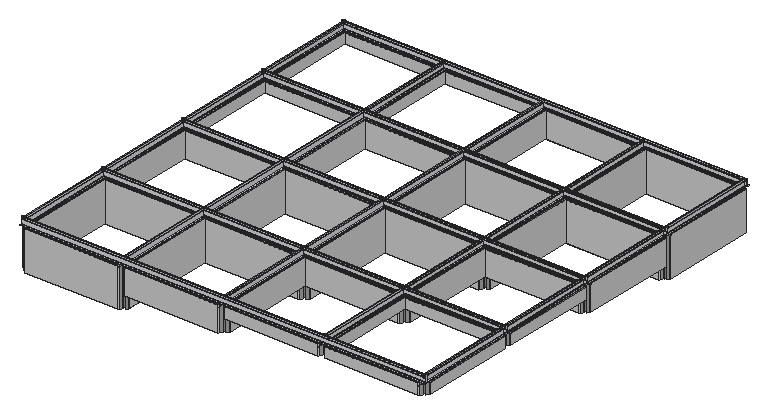
Revit family "GRD-SEC-001_SECTION GRID 001_RFA", category Modelos genéricos, Revit 2022 (continued)
Forms (in)
  Extrusion 25, solid
    sketch origin (0.02767, 83.15856, 0) x (1, 0, 0) y (0, 0, 1)
      loop
        arc (0.31489, 1.72991) -> (0.32752, 1.69941) -> (0.35803, 1.68677) r 0.04314
        line (0.35803, 1.68677) -> (0.39803, 1.68677)
        arc (0.39803, 1.68677) -> (0.41512, 1.67969) -> (0.42221, 1.66259) r 0.02418
      loop
        arc (0.33294, 1.7291) -> (0.34005, 1.71194) -> (0.35722, 1.70483) r 0.02428
        line (0.35722, 1.70483) -> (0.39815, 1.70483)
        arc (0.39815, 1.70483) -> (0.42797, 1.69248) -> (0.44023, 1.66266) r 0.04217
        arc (0.44023, 1.66266) -> (0.45258, 1.69248) -> (0.4824, 1.70483) r 0.04217
        line (0.4824, 1.70483) -> (0.52333, 1.70483)
        arc (0.52333, 1.70483) -> (0.54049, 1.71194) -> (0.54761, 1.7291) r 0.02428
        line (0.54761, 1.7291) -> (0.54761, 2.15016) -> (0.45704, 2.24072)
        arc (0.45704, 2.24072) -> (0.44027, 2.24767) -> (0.42351, 2.24072) r 0.02371
        line (0.42351, 2.24072) -> (0.33294, 2.15016) -> (0.33294, 1.7291)
    from 58.93614 to 81.99864
  Extrusion 26, solid, not visible
    sketch origin (0, 0, 0) x (0, 1, 0) y (0, 0, 1)
      loop
        line (0.42221, 1.66259) -> (0.42231, 0.67354)
        arc (0.42231, 0.67354) -> (0.41009, 0.64403) -> (0.38057, 0.6318) r 0.04174
        line (0.38057, 0.6318) -> (-0.00639, 0.6318) -> (-0.00639, 0.59057) -> (0.8874, 0.59057) -> (0.8874, 0.6318) -> (0.49998, 0.6318)
        arc (0.49998, 0.6318) -> (0.47046, 0.64403) -> (0.45824, 0.67354) r 0.04174
        line (0.45824, 0.67354) -> (0.45834, 1.66259)
        arc (0.45834, 1.66259) -> (0.46543, 1.67969) -> (0.48252, 1.68677) r 0.02418
        line (0.48252, 1.68677) -> (0.52252, 1.68677)
        arc (0.52252, 1.68677) -> (0.55303, 1.69941) -> (0.56566, 1.72991) r 0.04314
        line (0.56566, 1.72991) -> (0.56566, 2.14095)
        arc (0.56566, 2.14095) -> (0.5626, 2.15637) -> (0.55386, 2.16944) r 0.04029
        line (0.55386, 2.16944) -> (0.47053, 2.25277)
        arc (0.47053, 2.25277) -> (0.44027, 2.2653) -> (0.41002, 2.25277) r 0.04279
        line (0.41002, 2.25277) -> (0.32669, 2.16944)
        arc (0.32669, 2.16944) -> (0.31795, 2.15637) -> (0.31489, 2.14095) r 0.04029
        line (0.31489, 2.14095) -> (0.31489, 1.72991)
        arc (0.31489, 1.72991) -> (0.32752, 1.69941) -> (0.35803, 1.68677) r 0.04314
        line (0.35803, 1.68677) -> (0.39803, 1.68677)
        arc (0.39803, 1.68677) -> (0.41512, 1.67969) -> (0.42221, 1.66259) r 0.02418
      loop
        arc (0.33294, 1.7291) -> (0.34005, 1.71194) -> (0.35722, 1.70483) r 0.02428
        line (0.35722, 1.70483) -> (0.39815, 1.70483)
        arc (0.39815, 1.70483) -> (0.42797, 1.69248) -> (0.44023, 1.66266) r 0.04217
        arc (0.44023, 1.66266) -> (0.45258, 1.69248) -> (0.4824, 1.70483) r 0.04217
        line (0.4824, 1.70483) -> (0.52333, 1.70483)
        arc (0.52333, 1.70483) -> (0.54049, 1.71194) -> (0.54761, 1.7291) r 0.02428
        line (0.54761, 1.7291) -> (0.54761, 2.15016) -> (0.45704, 2.24072)
        arc (0.45704, 2.24072) -> (0.44027, 2.24767) -> (0.42351, 2.24072) r 0.02371
        line (0.42351, 2.24072) -> (0.33294, 2.15016) -> (0.33294, 1.7291)
    from 0 to 96.9361
  Extrusion 27, solid, not visible
    sketch origin (0, 24, 0) x (0, 1, 0) y (0, 0, 1)
      loop
        line (0.42221, 1.66259) -> (0.42231, 0.67354)
        arc (0.42231, 0.67354) -> (0.41009, 0.64403) -> (0.38057, 0.6318) r 0.04174
        line (0.38057, 0.6318) -> (-0.00639, 0.6318) -> (-0.00639, 0.59057) -> (0.8874, 0.59057) -> (0.8874, 0.6318) -> (0.49998, 0.6318)
        arc (0.49998, 0.6318) -> (0.47046, 0.64403) -> (0.45824, 0.67354) r 0.04174
        line (0.45824, 0.67354) -> (0.45834, 1.66259)
        arc (0.45834, 1.66259) -> (0.46543, 1.67969) -> (0.48252, 1.68677) r 0.02418
        line (0.48252, 1.68677) -> (0.52252, 1.68677)
        arc (0.52252, 1.68677) -> (0.55303, 1.69941) -> (0.56566, 1.72991) r 0.04314
        line (0.56566, 1.72991) -> (0.56566, 2.14095)
        arc (0.56566, 2.14095) -> (0.5626, 2.15637) -> (0.55386, 2.16944) r 0.04029
        line (0.55386, 2.16944) -> (0.47053, 2.25277)
        arc (0.47053, 2.25277) -> (0.44027, 2.2653) -> (0.41002, 2.25277) r 0.04279
        line (0.41002, 2.25277) -> (0.32669, 2.16944)
        arc (0.32669, 2.16944) -> (0.31795, 2.15637) -> (0.31489, 2.14095) r 0.04029
        line (0.31489, 2.14095) -> (0.31489, 1.72991)
        arc (0.31489, 1.72991) -> (0.32752, 1.69941) -> (0.35803, 1.68677) r 0.04314
        line (0.35803, 1.68677) -> (0.39803, 1.68677)
        arc (0.39803, 1.68677) -> (0.41512, 1.67969) -> (0.42221, 1.66259) r 0.02418
      loop
        arc (0.33294, 1.7291) -> (0.34005, 1.71194) -> (0.35722, 1.70483) r 0.02428
        line (0.35722, 1.70483) -> (0.39815, 1.70483)
        arc (0.39815, 1.70483) -> (0.42797, 1.69248) -> (0.44023, 1.66266) r 0.04217
        arc (0.44023, 1.66266) -> (0.45258, 1.69248) -> (0.4824, 1.70483) r 0.04217
        line (0.4824, 1.70483) -> (0.52333, 1.70483)
        arc (0.52333, 1.70483) -> (0.54049, 1.71194) -> (0.54761, 1.7291) r 0.02428
        line (0.54761, 1.7291) -> (0.54761, 2.15016) -> (0.45704, 2.24072)
        arc (0.45704, 2.24072) -> (0.44027, 2.24767) -> (0.42351, 2.24072) r 0.02371
        line (0.42351, 2.24072) -> (0.33294, 2.15016) -> (0.33294, 1.7291)
    from 0 to 96.9361
  Extrusion 28, solid, not visible
    sketch origin (0, 48, 0) x (0, 1, 0) y (0, 0, 1)
      loop
        line (0.42221, 1.66259) -> (0.42231, 0.67354)
        arc (0.42231, 0.67354) -> (0.41009, 0.64403) -> (0.38057, 0.6318) r 0.04174
        line (0.38057, 0.6318) -> (-0.00639, 0.6318) -> (-0.00639, 0.59057) -> (0.8874, 0.59057) -> (0.8874, 0.6318) -> (0.49998, 0.6318)
        arc (0.49998, 0.6318) -> (0.47046, 0.64403) -> (0.45824, 0.67354) r 0.04174
        line (0.45824, 0.67354) -> (0.45834, 1.66259)
        arc (0.45834, 1.66259) -> (0.46543, 1.67969) -> (0.48252, 1.68677) r 0.02418
        line (0.48252, 1.68677) -> (0.52252, 1.68677)
        arc (0.52252, 1.68677) -> (0.55303, 1.69941) -> (0.56566, 1.72991) r 0.04314
        line (0.56566, 1.72991) -> (0.56566, 2.14095)
        arc (0.56566, 2.14095) -> (0.5626, 2.15637) -> (0.55386, 2.16944) r 0.04029
        line (0.55386, 2.16944) -> (0.47053, 2.25277)
        arc (0.47053, 2.25277) -> (0.44027, 2.2653) -> (0.41002, 2.25277) r 0.04279
        line (0.41002, 2.25277) -> (0.32669, 2.16944)
        arc (0.32669, 2.16944) -> (0.31795, 2.15637) -> (0.31489, 2.14095) r 0.04029
        line (0.31489, 2.14095) -> (0.31489, 1.72991)
        arc (0.31489, 1.72991) -> (0.32752, 1.69941) -> (0.35803, 1.68677) r 0.04314
        line (0.35803, 1.68677) -> (0.39803, 1.68677)
        arc (0.39803, 1.68677) -> (0.41512, 1.67969) -> (0.42221, 1.66259) r 0.02418
      loop
        arc (0.33294, 1.7291) -> (0.34005, 1.71194) -> (0.35722, 1.70483) r 0.02428
        line (0.35722, 1.70483) -> (0.39815, 1.70483)
        arc (0.39815, 1.70483) -> (0.42797, 1.69248) -> (0.44023, 1.66266) r 0.04217
        arc (0.44023, 1.66266) -> (0.45258, 1.69248) -> (0.4824, 1.70483) r 0.04217
        line (0.4824, 1.70483) -> (0.52333, 1.70483)
        arc (0.52333, 1.70483) -> (0.54049, 1.71194) -> (0.54761, 1.7291) r 0.02428
        line (0.54761, 1.7291) -> (0.54761, 2.15016) -> (0.45704, 2.24072)
        arc (0.45704, 2.24072) -> (0.44027, 2.24767) -> (0.42351, 2.24072) r 0.02371
        line (0.42351, 2.24072) -> (0.33294, 2.15016) -> (0.33294, 1.7291)
    from 0 to 96.9361
  Extrusion 29, solid, not visible
    sketch origin (0, 72, 0) x (0, 1, 0) y (0, 0, 1)
      loop
        line (0.42221, 1.66259) -> (0.42231, 0.67354)
        arc (0.42231, 0.67354) -> (0.41009, 0.64403) -> (0.38057, 0.6318) r 0.04174
        line (0.38057, 0.6318) -> (-0.00639, 0.6318) -> (-0.00639, 0.59057) -> (0.8874, 0.59057) -> (0.8874, 0.6318) -> (0.49998, 0.6318)
        arc (0.49998, 0.6318) -> (0.47046, 0.64403) -> (0.45824, 0.67354) r 0.04174
        line (0.45824, 0.67354) -> (0.45834, 1.66259)
        arc (0.45834, 1.66259) -> (0.46543, 1.67969) -> (0.48252, 1.68677) r 0.02418
        line (0.48252, 1.68677) -> (0.52252, 1.68677)
        arc (0.52252, 1.68677) -> (0.55303, 1.69941) -> (0.56566, 1.72991) r 0.04314
        line (0.56566, 1.72991) -> (0.56566, 2.14095)
        arc (0.56566, 2.14095) -> (0.5626, 2.15637) -> (0.55386, 2.16944) r 0.04029
        line (0.55386, 2.16944) -> (0.47053, 2.25277)
        arc (0.47053, 2.25277) -> (0.44027, 2.2653) -> (0.41002, 2.25277) r 0.04279
        line (0.41002, 2.25277) -> (0.32669, 2.16944)
        arc (0.32669, 2.16944) -> (0.31795, 2.15637) -> (0.31489, 2.14095) r 0.04029
        line (0.31489, 2.14095) -> (0.31489, 1.72991)
        arc (0.31489, 1.72991) -> (0.32752, 1.69941) -> (0.35803, 1.68677) r 0.04314
        line (0.35803, 1.68677) -> (0.39803, 1.68677)
        arc (0.39803, 1.68677) -> (0.41512, 1.67969) -> (0.42221, 1.66259) r 0.02418
      loop
        arc (0.33294, 1.7291) -> (0.34005, 1.71194) -> (0.35722, 1.70483) r 0.02428
        line (0.35722, 1.70483) -> (0.39815, 1.70483)
        arc (0.39815, 1.70483) -> (0.42797, 1.69248) -> (0.44023, 1.66266) r 0.04217
        arc (0.44023, 1.66266) -> (0.45258, 1.69248) -> (0.4824, 1.70483) r 0.04217
        line (0.4824, 1.70483) -> (0.52333, 1.70483)
        arc (0.52333, 1.70483) -> (0.54049, 1.71194) -> (0.54761, 1.7291) r 0.02428
        line (0.54761, 1.7291) -> (0.54761, 2.15016) -> (0.45704, 2.24072)
        arc (0.45704, 2.24072) -> (0.44027, 2.24767) -> (0.42351, 2.24072) r 0.02371
        line (0.42351, 2.24072) -> (0.33294, 2.15016) -> (0.33294, 1.7291)
    from 0 to 96.9361
  Extrusion 30, solid, not visible
    sketch origin (0, 96, 0) x (0, 1, 0) y (0, 0, 1)
      loop
        line (0.42221, 1.66259) -> (0.42231, 0.67354)
        arc (0.42231, 0.67354) -> (0.41009, 0.64403) -> (0.38057, 0.6318) r 0.04174
        line (0.38057, 0.6318) -> (-0.00639, 0.6318) -> (-0.00639, 0.59057) -> (0.8874, 0.59057) -> (0.8874, 0.6318) -> (0.49998, 0.6318)
        arc (0.49998, 0.6318) -> (0.47046, 0.64403) -> (0.45824, 0.67354) r 0.04174
        line (0.45824, 0.67354) -> (0.45834, 1.66259)
        arc (0.45834, 1.66259) -> (0.46543, 1.67969) -> (0.48252, 1.68677) r 0.02418
        line (0.48252, 1.68677) -> (0.52252, 1.68677)
        arc (0.52252, 1.68677) -> (0.55303, 1.69941) -> (0.56566, 1.72991) r 0.04314
        line (0.56566, 1.72991) -> (0.56566, 2.14095)
        arc (0.56566, 2.14095) -> (0.5626, 2.15637) -> (0.55386, 2.16944) r 0.04029
        line (0.55386, 2.16944) -> (0.47053, 2.25277)
        arc (0.47053, 2.25277) -> (0.44027, 2.2653) -> (0.41002, 2.25277) r 0.04279
        line (0.41002, 2.25277) -> (0.32669, 2.16944)
        arc (0.32669, 2.16944) -> (0.31795, 2.15637) -> (0.31489, 2.14095) r 0.04029
        line (0.31489, 2.14095) -> (0.31489, 1.72991)
        arc (0.31489, 1.72991) -> (0.32752, 1.69941) -> (0.35803, 1.68677) r 0.04314
        line (0.35803, 1.68677) -> (0.39803, 1.68677)
        arc (0.39803, 1.68677) -> (0.41512, 1.67969) -> (0.42221, 1.66259) r 0.02418
      loop
        arc (0.33294, 1.7291) -> (0.34005, 1.71194) -> (0.35722, 1.70483) r 0.02428
        line (0.35722, 1.70483) -> (0.39815, 1.70483)
        arc (0.39815, 1.70483) -> (0.42797, 1.69248) -> (0.44023, 1.66266) r 0.04217
        arc (0.44023, 1.66266) -> (0.45258, 1.69248) -> (0.4824, 1.70483) r 0.04217
        line (0.4824, 1.70483) -> (0.52333, 1.70483)
        arc (0.52333, 1.70483) -> (0.54049, 1.71194) -> (0.54761, 1.7291) r 0.02428
        line (0.54761, 1.7291) -> (0.54761, 2.15016) -> (0.45704, 2.24072)
        arc (0.45704, 2.24072) -> (0.44027, 2.24767) -> (0.42351, 2.24072) r 0.02371
        line (0.42351, 2.24072) -> (0.33294, 2.15016) -> (0.33294, 1.7291)
    from 0 to 96.9361
  Extrusion 31, solid, not visible
    sketch origin (48.02754, 154.90856, 0) x (1, 0, 0) y (0, 0, 1)
      loop
        line (0.42221, 1.66259) -> (0.42231, 0.67354)
        arc (0.42231, 0.67354) -> (0.41009, 0.64403) -> (0.38057, 0.6318) r 0.04174
        line (0.38057, 0.6318) -> (-0.00639, 0.6318) -> (-0.00639, 0.59057) -> (0.8874, 0.59057) -> (0.8874, 0.6318) -> (0.49998, 0.6318)
        arc (0.49998, 0.6318) -> (0.47046, 0.64403) -> (0.45824, 0.67354) r 0.04174
        line (0.45824, 0.67354) -> (0.45834, 1.66259)
        arc (0.45834, 1.66259) -> (0.46543, 1.67969) -> (0.48252, 1.68677) r 0.02418
        line (0.48252, 1.68677) -> (0.52252, 1.68677)
        arc (0.52252, 1.68677) -> (0.55303, 1.69941) -> (0.56566, 1.72991) r 0.04314
        line (0.56566, 1.72991) -> (0.56566, 2.14095)
        arc (0.56566, 2.14095) -> (0.5626, 2.15637) -> (0.55386, 2.16944) r 0.04029
        line (0.55386, 2.16944) -> (0.47053, 2.25277)
        arc (0.47053, 2.25277) -> (0.44027, 2.2653) -> (0.41002, 2.25277) r 0.04279
        line (0.41002, 2.25277) -> (0.32669, 2.16944)
        arc (0.32669, 2.16944) -> (0.31795, 2.15637) -> (0.31489, 2.14095) r 0.04029
        line (0.31489, 2.14095) -> (0.31489, 1.72991)
        arc (0.31489, 1.72991) -> (0.32752, 1.69941) -> (0.35803, 1.68677) r 0.04314
        line (0.35803, 1.68677) -> (0.39803, 1.68677)
        arc (0.39803, 1.68677) -> (0.41512, 1.67969) -> (0.42221, 1.66259) r 0.02418
      loop
        arc (0.33294, 1.7291) -> (0.34005, 1.71194) -> (0.35722, 1.70483) r 0.02428
        line (0.35722, 1.70483) -> (0.39815, 1.70483)
        arc (0.39815, 1.70483) -> (0.42797, 1.69248) -> (0.44023, 1.66266) r 0.04217
        arc (0.44023, 1.66266) -> (0.45258, 1.69248) -> (0.4824, 1.70483) r 0.04217
        line (0.4824, 1.70483) -> (0.52333, 1.70483)
        arc (0.52333, 1.70483) -> (0.54049, 1.71194) -> (0.54761, 1.7291) r 0.02428
        line (0.54761, 1.7291) -> (0.54761, 2.15016) -> (0.45704, 2.24072)
        arc (0.45704, 2.24072) -> (0.44027, 2.24767) -> (0.42351, 2.24072) r 0.02371
        line (0.42351, 2.24072) -> (0.33294, 2.15016) -> (0.33294, 1.7291)
    from 58.93614 to 81.99864
  Extrusion 32, solid, not visible
    sketch origin (72.02767, 154.90856, 0) x (1, 0, 0) y (0, 0, 1)
      loop
        line (0.42221, 1.66259) -> (0.42231, 0.67354)
        arc (0.42231, 0.67354) -> (0.41009, 0.64403) -> (0.38057, 0.6318) r 0.04174
        line (0.38057, 0.6318) -> (-0.00639, 0.6318) -> (-0.00639, 0.59057) -> (0.8874, 0.59057) -> (0.8874, 0.6318) -> (0.49998, 0.6318)
        arc (0.49998, 0.6318) -> (0.47046, 0.64403) -> (0.45824, 0.67354) r 0.04174
        line (0.45824, 0.67354) -> (0.45834, 1.66259)
        arc (0.45834, 1.66259) -> (0.46543, 1.67969) -> (0.48252, 1.68677) r 0.02418
        line (0.48252, 1.68677) -> (0.52252, 1.68677)
        arc (0.52252, 1.68677) -> (0.55303, 1.69941) -> (0.56566, 1.72991) r 0.04314
        line (0.56566, 1.72991) -> (0.56566, 2.14095)
        arc (0.56566, 2.14095) -> (0.5626, 2.15637) -> (0.55386, 2.16944) r 0.04029
        line (0.55386, 2.16944) -> (0.47053, 2.25277)
        arc (0.47053, 2.25277) -> (0.44027, 2.2653) -> (0.41002, 2.25277) r 0.04279
        line (0.41002, 2.25277) -> (0.32669, 2.16944)
        arc (0.32669, 2.16944) -> (0.31795, 2.15637) -> (0.31489, 2.14095) r 0.04029
        line (0.31489, 2.14095) -> (0.31489, 1.72991)
        arc (0.31489, 1.72991) -> (0.32752, 1.69941) -> (0.35803, 1.68677) r 0.04314
        line (0.35803, 1.68677) -> (0.39803, 1.68677)
        arc (0.39803, 1.68677) -> (0.41512, 1.67969) -> (0.42221, 1.66259) r 0.02418
      loop
        arc (0.33294, 1.7291) -> (0.34005, 1.71194) -> (0.35722, 1.70483) r 0.02428
        line (0.35722, 1.70483) -> (0.39815, 1.70483)
        arc (0.39815, 1.70483) -> (0.42797, 1.69248) -> (0.44023, 1.66266) r 0.04217
        arc (0.44023, 1.66266) -> (0.45258, 1.69248) -> (0.4824, 1.70483) r 0.04217
        line (0.4824, 1.70483) -> (0.52333, 1.70483)
        arc (0.52333, 1.70483) -> (0.54049, 1.71194) -> (0.54761, 1.7291) r 0.02428
        line (0.54761, 1.7291) -> (0.54761, 2.15016) -> (0.45704, 2.24072)
        arc (0.45704, 2.24072) -> (0.44027, 2.24767) -> (0.42351, 2.24072) r 0.02371
        line (0.42351, 2.24072) -> (0.33294, 2.15016) -> (0.33294, 1.7291)
    from 58.93614 to 81.99864
  Extrusion 33, solid, not visible
    sketch origin (96.02767, 154.90856, 0) x (1, 0, 0) y (0, 0, 1)
      loop
        line (0.42221, 1.66259) -> (0.42231, 0.67354)
        arc (0.42231, 0.67354) -> (0.41009, 0.64403) -> (0.38057, 0.6318) r 0.04174
        line (0.38057, 0.6318) -> (-0.00639, 0.6318) -> (-0.00639, 0.59057) -> (0.8874, 0.59057) -> (0.8874, 0.6318) -> (0.49998, 0.6318)
        arc (0.49998, 0.6318) -> (0.47046, 0.64403) -> (0.45824, 0.67354) r 0.04174
        line (0.45824, 0.67354) -> (0.45834, 1.66259)
        arc (0.45834, 1.66259) -> (0.46543, 1.67969) -> (0.48252, 1.68677) r 0.02418
        line (0.48252, 1.68677) -> (0.52252, 1.68677)
        arc (0.52252, 1.68677) -> (0.55303, 1.69941) -> (0.56566, 1.72991) r 0.04314
        line (0.56566, 1.72991) -> (0.56566, 2.14095)
        arc (0.56566, 2.14095) -> (0.5626, 2.15637) -> (0.55386, 2.16944) r 0.04029
        line (0.55386, 2.16944) -> (0.47053, 2.25277)
        arc (0.47053, 2.25277) -> (0.44027, 2.2653) -> (0.41002, 2.25277) r 0.04279
        line (0.41002, 2.25277) -> (0.32669, 2.16944)
        arc (0.32669, 2.16944) -> (0.31795, 2.15637) -> (0.31489, 2.14095) r 0.04029
        line (0.31489, 2.14095) -> (0.31489, 1.72991)
        arc (0.31489, 1.72991) -> (0.32752, 1.69941) -> (0.35803, 1.68677) r 0.04314
        line (0.35803, 1.68677) -> (0.39803, 1.68677)
        arc (0.39803, 1.68677) -> (0.41512, 1.67969) -> (0.42221, 1.66259) r 0.02418
      loop
        arc (0.33294, 1.7291) -> (0.34005, 1.71194) -> (0.35722, 1.70483) r 0.02428
        line (0.35722, 1.70483) -> (0.39815, 1.70483)
        arc (0.39815, 1.70483) -> (0.42797, 1.69248) -> (0.44023, 1.66266) r 0.04217
        arc (0.44023, 1.66266) -> (0.45258, 1.69248) -> (0.4824, 1.70483) r 0.04217
        line (0.4824, 1.70483) -> (0.52333, 1.70483)
        arc (0.52333, 1.70483) -> (0.54049, 1.71194) -> (0.54761, 1.7291) r 0.02428
        line (0.54761, 1.7291) -> (0.54761, 2.15016) -> (0.45704, 2.24072)
        arc (0.45704, 2.24072) -> (0.44027, 2.24767) -> (0.42351, 2.24072) r 0.02371
        line (0.42351, 2.24072) -> (0.33294, 2.15016) -> (0.33294, 1.7291)
    from 58.93614 to 81.99864
  Extrusion 34, solid, not visible
    sketch origin (24.02767, 154.90856, 0) x (1, 0, 0) y (0, 0, 1)
      loop
        line (0.42221, 1.66259) -> (0.42231, 0.67354)
        arc (0.42231, 0.67354) -> (0.41009, 0.64403) -> (0.38057, 0.6318) r 0.04174
        line (0.38057, 0.6318) -> (-0.00639, 0.6318) -> (-0.00639, 0.59057) -> (0.8874, 0.59057) -> (0.8874, 0.6318) -> (0.49998, 0.6318)
        arc (0.49998, 0.6318) -> (0.47046, 0.64403) -> (0.45824, 0.67354) r 0.04174
        line (0.45824, 0.67354) -> (0.45834, 1.66259)
        arc (0.45834, 1.66259) -> (0.46543, 1.67969) -> (0.48252, 1.68677) r 0.02418
        line (0.48252, 1.68677) -> (0.52252, 1.68677)
        arc (0.52252, 1.68677) -> (0.55303, 1.69941) -> (0.56566, 1.72991) r 0.04314
        line (0.56566, 1.72991) -> (0.56566, 2.14095)
        arc (0.56566, 2.14095) -> (0.5626, 2.15637) -> (0.55386, 2.16944) r 0.04029
        line (0.55386, 2.16944) -> (0.47053, 2.25277)
        arc (0.47053, 2.25277) -> (0.44027, 2.2653) -> (0.41002, 2.25277) r 0.04279
        line (0.41002, 2.25277) -> (0.32669, 2.16944)
        arc (0.32669, 2.16944) -> (0.31795, 2.15637) -> (0.31489, 2.14095) r 0.04029
        line (0.31489, 2.14095) -> (0.31489, 1.72991)
        arc (0.31489, 1.72991) -> (0.32752, 1.69941) -> (0.35803, 1.68677) r 0.04314
        line (0.35803, 1.68677) -> (0.39803, 1.68677)
        arc (0.39803, 1.68677) -> (0.41512, 1.67969) -> (0.42221, 1.66259) r 0.02418
      loop
        arc (0.33294, 1.7291) -> (0.34005, 1.71194) -> (0.35722, 1.70483) r 0.02428
        line (0.35722, 1.70483) -> (0.39815, 1.70483)
        arc (0.39815, 1.70483) -> (0.42797, 1.69248) -> (0.44023, 1.66266) r 0.04217
        arc (0.44023, 1.66266) -> (0.45258, 1.69248) -> (0.4824, 1.70483) r 0.04217
        line (0.4824, 1.70483) -> (0.52333, 1.70483)
        arc (0.52333, 1.70483) -> (0.54049, 1.71194) -> (0.54761, 1.7291) r 0.02428
        line (0.54761, 1.7291) -> (0.54761, 2.15016) -> (0.45704, 2.24072)
        arc (0.45704, 2.24072) -> (0.44027, 2.24767) -> (0.42351, 2.24072) r 0.02371
        line (0.42351, 2.24072) -> (0.33294, 2.15016) -> (0.33294, 1.7291)
    from 58.93614 to 81.99864
  Extrusion 35, solid, not visible
    sketch origin (0.02767, 154.90856, 0) x (1, 0, 0) y (0, 0, 1)
      loop
        line (0.42221, 1.66259) -> (0.42231, 0.67354)
        arc (0.42231, 0.67354) -> (0.41009, 0.64403) -> (0.38057, 0.6318) r 0.04174
        line (0.38057, 0.6318) -> (-0.00639, 0.6318) -> (-0.00639, 0.59057) -> (0.8874, 0.59057) -> (0.8874, 0.6318) -> (0.49998, 0.6318)
        arc (0.49998, 0.6318) -> (0.47046, 0.64403) -> (0.45824, 0.67354) r 0.04174
        line (0.45824, 0.67354) -> (0.45834, 1.66259)
        arc (0.45834, 1.66259) -> (0.46543, 1.67969) -> (0.48252, 1.68677) r 0.02418
        line (0.48252, 1.68677) -> (0.52252, 1.68677)
        arc (0.52252, 1.68677) -> (0.55303, 1.69941) -> (0.56566, 1.72991) r 0.04314
        line (0.56566, 1.72991) -> (0.56566, 2.14095)
        arc (0.56566, 2.14095) -> (0.5626, 2.15637) -> (0.55386, 2.16944) r 0.04029
        line (0.55386, 2.16944) -> (0.47053, 2.25277)
        arc (0.47053, 2.25277) -> (0.44027, 2.2653) -> (0.41002, 2.25277) r 0.04279
        line (0.41002, 2.25277) -> (0.32669, 2.16944)
        arc (0.32669, 2.16944) -> (0.31795, 2.15637) -> (0.31489, 2.14095) r 0.04029
        line (0.31489, 2.14095) -> (0.31489, 1.72991)
        arc (0.31489, 1.72991) -> (0.32752, 1.69941) -> (0.35803, 1.68677) r 0.04314
        line (0.35803, 1.68677) -> (0.39803, 1.68677)
        arc (0.39803, 1.68677) -> (0.41512, 1.67969) -> (0.42221, 1.66259) r 0.02418
      loop
        arc (0.33294, 1.7291) -> (0.34005, 1.71194) -> (0.35722, 1.70483) r 0.02428
        line (0.35722, 1.70483) -> (0.39815, 1.70483)
        arc (0.39815, 1.70483) -> (0.42797, 1.69248) -> (0.44023, 1.66266) r 0.04217
        arc (0.44023, 1.66266) -> (0.45258, 1.69248) -> (0.4824, 1.70483) r 0.04217
        line (0.4824, 1.70483) -> (0.52333, 1.70483)
        arc (0.52333, 1.70483) -> (0.54049, 1.71194) -> (0.54761, 1.7291) r 0.02428
        line (0.54761, 1.7291) -> (0.54761, 2.15016) -> (0.45704, 2.24072)
        arc (0.45704, 2.24072) -> (0.44027, 2.24767) -> (0.42351, 2.24072) r 0.02371
        line (0.42351, 2.24072) -> (0.33294, 2.15016) -> (0.33294, 1.7291)
    from 58.93614 to 81.99864
  Extrusion 36, solid, not visible
    sketch origin (48.02754, 130.90855, 0) x (1, 0, 0) y (0, 0, 1)
      loop
        line (0.42221, 1.66259) -> (0.42231, 0.67354)
        arc (0.42231, 0.67354) -> (0.41009, 0.64403) -> (0.38057, 0.6318) r 0.04174
        line (0.38057, 0.6318) -> (-0.00639, 0.6318) -> (-0.00639, 0.59057) -> (0.8874, 0.59057) -> (0.8874, 0.6318) -> (0.49998, 0.6318)
        arc (0.49998, 0.6318) -> (0.47046, 0.64403) -> (0.45824, 0.67354) r 0.04174
        line (0.45824, 0.67354) -> (0.45834, 1.66259)
        arc (0.45834, 1.66259) -> (0.46543, 1.67969) -> (0.48252, 1.68677) r 0.02418
        line (0.48252, 1.68677) -> (0.52252, 1.68677)
        arc (0.52252, 1.68677) -> (0.55303, 1.69941) -> (0.56566, 1.72991) r 0.04314
        line (0.56566, 1.72991) -> (0.56566, 2.14095)
        arc (0.56566, 2.14095) -> (0.5626, 2.15637) -> (0.55386, 2.16944) r 0.04029
        line (0.55386, 2.16944) -> (0.47053, 2.25277)
        arc (0.47053, 2.25277) -> (0.44027, 2.2653) -> (0.41002, 2.25277) r 0.04279
        line (0.41002, 2.25277) -> (0.32669, 2.16944)
        arc (0.32669, 2.16944) -> (0.31795, 2.15637) -> (0.31489, 2.14095) r 0.04029
        line (0.31489, 2.14095) -> (0.31489, 1.72991)
        arc (0.31489, 1.72991) -> (0.32752, 1.69941) -> (0.35803, 1.68677) r 0.04314
        line (0.35803, 1.68677) -> (0.39803, 1.68677)
        arc (0.39803, 1.68677) -> (0.41512, 1.67969) -> (0.42221, 1.66259) r 0.02418
      loop
        arc (0.33294, 1.7291) -> (0.34005, 1.71194) -> (0.35722, 1.70483) r 0.02428
        line (0.35722, 1.70483) -> (0.39815, 1.70483)
        arc (0.39815, 1.70483) -> (0.42797, 1.69248) -> (0.44023, 1.66266) r 0.04217
        arc (0.44023, 1.66266) -> (0.45258, 1.69248) -> (0.4824, 1.70483) r 0.04217
        line (0.4824, 1.70483) -> (0.52333, 1.70483)
        arc (0.52333, 1.70483) -> (0.54049, 1.71194) -> (0.54761, 1.7291) r 0.02428
        line (0.54761, 1.7291) -> (0.54761, 2.15016) -> (0.45704, 2.24072)
        arc (0.45704, 2.24072) -> (0.44027, 2.24767) -> (0.42351, 2.24072) r 0.02371
        line (0.42351, 2.24072) -> (0.33294, 2.15016) -> (0.33294, 1.7291)
    from 58.93614 to 81.99864
  Extrusion 37, solid, not visible
    sketch origin (72.02767, 130.90855, 0) x (1, 0, 0) y (0, 0, 1)
      loop
        line (0.42221, 1.66259) -> (0.42231, 0.67354)
        arc (0.42231, 0.67354) -> (0.41009, 0.64403) -> (0.38057, 0.6318) r 0.04174
        line (0.38057, 0.6318) -> (-0.00639, 0.6318) -> (-0.00639, 0.59057) -> (0.8874, 0.59057) -> (0.8874, 0.6318) -> (0.49998, 0.6318)
        arc (0.49998, 0.6318) -> (0.47046, 0.64403) -> (0.45824, 0.67354) r 0.04174
        line (0.45824, 0.67354) -> (0.45834, 1.66259)
        arc (0.45834, 1.66259) -> (0.46543, 1.67969) -> (0.48252, 1.68677) r 0.02418
        line (0.48252, 1.68677) -> (0.52252, 1.68677)
        arc (0.52252, 1.68677) -> (0.55303, 1.69941) -> (0.56566, 1.72991) r 0.04314
        line (0.56566, 1.72991) -> (0.56566, 2.14095)
        arc (0.56566, 2.14095) -> (0.5626, 2.15637) -> (0.55386, 2.16944) r 0.04029
        line (0.55386, 2.16944) -> (0.47053, 2.25277)
        arc (0.47053, 2.25277) -> (0.44027, 2.2653) -> (0.41002, 2.25277) r 0.04279
        line (0.41002, 2.25277) -> (0.32669, 2.16944)
        arc (0.32669, 2.16944) -> (0.31795, 2.15637) -> (0.31489, 2.14095) r 0.04029
        line (0.31489, 2.14095) -> (0.31489, 1.72991)
        arc (0.31489, 1.72991) -> (0.32752, 1.69941) -> (0.35803, 1.68677) r 0.04314
        line (0.35803, 1.68677) -> (0.39803, 1.68677)
        arc (0.39803, 1.68677) -> (0.41512, 1.67969) -> (0.42221, 1.66259) r 0.02418
      loop
        arc (0.33294, 1.7291) -> (0.34005, 1.71194) -> (0.35722, 1.70483) r 0.02428
        line (0.35722, 1.70483) -> (0.39815, 1.70483)
        arc (0.39815, 1.70483) -> (0.42797, 1.69248) -> (0.44023, 1.66266) r 0.04217
        arc (0.44023, 1.66266) -> (0.45258, 1.69248) -> (0.4824, 1.70483) r 0.04217
        line (0.4824, 1.70483) -> (0.52333, 1.70483)
        arc (0.52333, 1.70483) -> (0.54049, 1.71194) -> (0.54761, 1.7291) r 0.02428
        line (0.54761, 1.7291) -> (0.54761, 2.15016) -> (0.45704, 2.24072)
        arc (0.45704, 2.24072) -> (0.44027, 2.24767) -> (0.42351, 2.24072) r 0.02371
        line (0.42351, 2.24072) -> (0.33294, 2.15016) -> (0.33294, 1.7291)
    from 58.93614 to 81.99864
  Extrusion 38, solid, not visible
    sketch origin (96.02767, 130.90855, 0) x (1, 0, 0) y (0, 0, 1)
      loop
        line (0.42221, 1.66259) -> (0.42231, 0.67354)
        arc (0.42231, 0.67354) -> (0.41009, 0.64403) -> (0.38057, 0.6318) r 0.04174
        line (0.38057, 0.6318) -> (-0.00639, 0.6318) -> (-0.00639, 0.59057) -> (0.8874, 0.59057) -> (0.8874, 0.6318) -> (0.49998, 0.6318)
        arc (0.49998, 0.6318) -> (0.47046, 0.64403) -> (0.45824, 0.67354) r 0.04174
        line (0.45824, 0.67354) -> (0.45834, 1.66259)
        arc (0.45834, 1.66259) -> (0.46543, 1.67969) -> (0.48252, 1.68677) r 0.02418
        line (0.48252, 1.68677) -> (0.52252, 1.68677)
        arc (0.52252, 1.68677) -> (0.55303, 1.69941) -> (0.56566, 1.72991) r 0.04314
        line (0.56566, 1.72991) -> (0.56566, 2.14095)
        arc (0.56566, 2.14095) -> (0.5626, 2.15637) -> (0.55386, 2.16944) r 0.04029
        line (0.55386, 2.16944) -> (0.47053, 2.25277)
        arc (0.47053, 2.25277) -> (0.44027, 2.2653) -> (0.41002, 2.25277) r 0.04279
        line (0.41002, 2.25277) -> (0.32669, 2.16944)
        arc (0.32669, 2.16944) -> (0.31795, 2.15637) -> (0.31489, 2.14095) r 0.04029
        line (0.31489, 2.14095) -> (0.31489, 1.72991)
        arc (0.31489, 1.72991) -> (0.32752, 1.69941) -> (0.35803, 1.68677) r 0.04314
        line (0.35803, 1.68677) -> (0.39803, 1.68677)
        arc (0.39803, 1.68677) -> (0.41512, 1.67969) -> (0.42221, 1.66259) r 0.02418
      loop
        arc (0.33294, 1.7291) -> (0.34005, 1.71194) -> (0.35722, 1.70483) r 0.02428
        line (0.35722, 1.70483) -> (0.39815, 1.70483)
        arc (0.39815, 1.70483) -> (0.42797, 1.69248) -> (0.44023, 1.66266) r 0.04217
        arc (0.44023, 1.66266) -> (0.45258, 1.69248) -> (0.4824, 1.70483) r 0.04217
        line (0.4824, 1.70483) -> (0.52333, 1.70483)
        arc (0.52333, 1.70483) -> (0.54049, 1.71194) -> (0.54761, 1.7291) r 0.02428
        line (0.54761, 1.7291) -> (0.54761, 2.15016) -> (0.45704, 2.24072)
        arc (0.45704, 2.24072) -> (0.44027, 2.24767) -> (0.42351, 2.24072) r 0.02371
        line (0.42351, 2.24072) -> (0.33294, 2.15016) -> (0.33294, 1.7291)
    from 58.93614 to 81.99864
  Extrusion 39, solid, not visible
    sketch origin (24.02767, 130.90855, 0) x (1, 0, 0) y (0, 0, 1)
      loop
        line (0.42221, 1.66259) -> (0.42231, 0.67354)
        arc (0.42231, 0.67354) -> (0.41009, 0.64403) -> (0.38057, 0.6318) r 0.04174
        line (0.38057, 0.6318) -> (-0.00639, 0.6318) -> (-0.00639, 0.59057) -> (0.8874, 0.59057) -> (0.8874, 0.6318) -> (0.49998, 0.6318)
        arc (0.49998, 0.6318) -> (0.47046, 0.64403) -> (0.45824, 0.67354) r 0.04174
        line (0.45824, 0.67354) -> (0.45834, 1.66259)
        arc (0.45834, 1.66259) -> (0.46543, 1.67969) -> (0.48252, 1.68677) r 0.02418
        line (0.48252, 1.68677) -> (0.52252, 1.68677)
        arc (0.52252, 1.68677) -> (0.55303, 1.69941) -> (0.56566, 1.72991) r 0.04314
        line (0.56566, 1.72991) -> (0.56566, 2.14095)
        arc (0.56566, 2.14095) -> (0.5626, 2.15637) -> (0.55386, 2.16944) r 0.04029
        line (0.55386, 2.16944) -> (0.47053, 2.25277)
        arc (0.47053, 2.25277) -> (0.44027, 2.2653) -> (0.41002, 2.25277) r 0.04279
        line (0.41002, 2.25277) -> (0.32669, 2.16944)
        arc (0.32669, 2.16944) -> (0.31795, 2.15637) -> (0.31489, 2.14095) r 0.04029
        line (0.31489, 2.14095) -> (0.31489, 1.72991)
        arc (0.31489, 1.72991) -> (0.32752, 1.69941) -> (0.35803, 1.68677) r 0.04314
        line (0.35803, 1.68677) -> (0.39803, 1.68677)
        arc (0.39803, 1.68677) -> (0.41512, 1.67969) -> (0.42221, 1.66259) r 0.02418
      loop
        arc (0.33294, 1.7291) -> (0.34005, 1.71194) -> (0.35722, 1.70483) r 0.02428
        line (0.35722, 1.70483) -> (0.39815, 1.70483)
        arc (0.39815, 1.70483) -> (0.42797, 1.69248) -> (0.44023, 1.66266) r 0.04217
        arc (0.44023, 1.66266) -> (0.45258, 1.69248) -> (0.4824, 1.70483) r 0.04217
        line (0.4824, 1.70483) -> (0.52333, 1.70483)
        arc (0.52333, 1.70483) -> (0.54049, 1.71194) -> (0.54761, 1.7291) r 0.02428
        line (0.54761, 1.7291) -> (0.54761, 2.15016) -> (0.45704, 2.24072)
        arc (0.45704, 2.24072) -> (0.44027, 2.24767) -> (0.42351, 2.24072) r 0.02371
        line (0.42351, 2.24072) -> (0.33294, 2.15016) -> (0.33294, 1.7291)
    from 58.93614 to 81.99864
  Extrusion 40, solid, not visible
    sketch origin (0.02767, 130.90855, 0) x (1, 0, 0) y (0, 0, 1)
      loop
        line (0.42221, 1.66259) -> (0.42231, 0.67354)
        arc (0.42231, 0.67354) -> (0.41009, 0.64403) -> (0.38057, 0.6318) r 0.04174
        line (0.38057, 0.6318) -> (-0.00639, 0.6318) -> (-0.00639, 0.59057) -> (0.8874, 0.59057) -> (0.8874, 0.6318) -> (0.49998, 0.6318)
        arc (0.49998, 0.6318) -> (0.47046, 0.64403) -> (0.45824, 0.67354) r 0.04174
        line (0.45824, 0.67354) -> (0.45834, 1.66259)
        arc (0.45834, 1.66259) -> (0.46543, 1.67969) -> (0.48252, 1.68677) r 0.02418
        line (0.48252, 1.68677) -> (0.52252, 1.68677)
        arc (0.52252, 1.68677) -> (0.55303, 1.69941) -> (0.56566, 1.72991) r 0.04314
        line (0.56566, 1.72991) -> (0.56566, 2.14095)
        arc (0.56566, 2.14095) -> (0.5626, 2.15637) -> (0.55386, 2.16944) r 0.04029
        line (0.55386, 2.16944) -> (0.47053, 2.25277)
        arc (0.47053, 2.25277) -> (0.44027, 2.2653) -> (0.41002, 2.25277) r 0.04279
        line (0.41002, 2.25277) -> (0.32669, 2.16944)
        arc (0.32669, 2.16944) -> (0.31795, 2.15637) -> (0.31489, 2.14095) r 0.04029
        line (0.31489, 2.14095) -> (0.31489, 1.72991)
        arc (0.31489, 1.72991) -> (0.32752, 1.69941) -> (0.35803, 1.68677) r 0.04314
        line (0.35803, 1.68677) -> (0.39803, 1.68677)
        arc (0.39803, 1.68677) -> (0.41512, 1.67969) -> (0.42221, 1.66259) r 0.02418
      loop
        arc (0.33294, 1.7291) -> (0.34005, 1.71194) -> (0.35722, 1.70483) r 0.02428
        line (0.35722, 1.70483) -> (0.39815, 1.70483)
        arc (0.39815, 1.70483) -> (0.42797, 1.69248) -> (0.44023, 1.66266) r 0.04217
        arc (0.44023, 1.66266) -> (0.45258, 1.69248) -> (0.4824, 1.70483) r 0.04217
        line (0.4824, 1.70483) -> (0.52333, 1.70483)
        arc (0.52333, 1.70483) -> (0.54049, 1.71194) -> (0.54761, 1.7291) r 0.02428
        line (0.54761, 1.7291) -> (0.54761, 2.15016) -> (0.45704, 2.24072)
        arc (0.45704, 2.24072) -> (0.44027, 2.24767) -> (0.42351, 2.24072) r 0.02371
        line (0.42351, 2.24072) -> (0.33294, 2.15016) -> (0.33294, 1.7291)
    from 58.93614 to 81.99864
  Extrusion 41, solid, not visible
    sketch origin (48.02754, 106.90856, 0) x (1, 0, 0) y (0, 0, 1)
      loop
        line (0.42221, 1.66259) -> (0.42231, 0.67354)
        arc (0.42231, 0.67354) -> (0.41009, 0.64403) -> (0.38057, 0.6318) r 0.04174
        line (0.38057, 0.6318) -> (-0.00639, 0.6318) -> (-0.00639, 0.59057) -> (0.8874, 0.59057) -> (0.8874, 0.6318) -> (0.49998, 0.6318)
        arc (0.49998, 0.6318) -> (0.47046, 0.64403) -> (0.45824, 0.67354) r 0.04174
        line (0.45824, 0.67354) -> (0.45834, 1.66259)
        arc (0.45834, 1.66259) -> (0.46543, 1.67969) -> (0.48252, 1.68677) r 0.02418
        line (0.48252, 1.68677) -> (0.52252, 1.68677)
        arc (0.52252, 1.68677) -> (0.55303, 1.69941) -> (0.56566, 1.72991) r 0.04314
        line (0.56566, 1.72991) -> (0.56566, 2.14095)
        arc (0.56566, 2.14095) -> (0.5626, 2.15637) -> (0.55386, 2.16944) r 0.04029
        line (0.55386, 2.16944) -> (0.47053, 2.25277)
        arc (0.47053, 2.25277) -> (0.44027, 2.2653) -> (0.41002, 2.25277) r 0.04279
        line (0.41002, 2.25277) -> (0.32669, 2.16944)
        arc (0.32669, 2.16944) -> (0.31795, 2.15637) -> (0.31489, 2.14095) r 0.04029
        line (0.31489, 2.14095) -> (0.31489, 1.72991)
        arc (0.31489, 1.72991) -> (0.32752, 1.69941) -> (0.35803, 1.68677) r 0.04314
        line (0.35803, 1.68677) -> (0.39803, 1.68677)
        arc (0.39803, 1.68677) -> (0.41512, 1.67969) -> (0.42221, 1.66259) r 0.02418
      loop
        arc (0.33294, 1.7291) -> (0.34005, 1.71194) -> (0.35722, 1.70483) r 0.02428
        line (0.35722, 1.70483) -> (0.39815, 1.70483)
        arc (0.39815, 1.70483) -> (0.42797, 1.69248) -> (0.44023, 1.66266) r 0.04217
        arc (0.44023, 1.66266) -> (0.45258, 1.69248) -> (0.4824, 1.70483) r 0.04217
        line (0.4824, 1.70483) -> (0.52333, 1.70483)
        arc (0.52333, 1.70483) -> (0.54049, 1.71194) -> (0.54761, 1.7291) r 0.02428
        line (0.54761, 1.7291) -> (0.54761, 2.15016) -> (0.45704, 2.24072)
        arc (0.45704, 2.24072) -> (0.44027, 2.24767) -> (0.42351, 2.24072) r 0.02371
        line (0.42351, 2.24072) -> (0.33294, 2.15016) -> (0.33294, 1.7291)
    from 58.93614 to 81.99864
  Extrusion 42, solid, not visible
    sketch origin (72.02767, 106.90856, 0) x (1, 0, 0) y (0, 0, 1)
      loop
        line (0.42221, 1.66259) -> (0.42231, 0.67354)
        arc (0.42231, 0.67354) -> (0.41009, 0.64403) -> (0.38057, 0.6318) r 0.04174
        line (0.38057, 0.6318) -> (-0.00639, 0.6318) -> (-0.00639, 0.59057) -> (0.8874, 0.59057) -> (0.8874, 0.6318) -> (0.49998, 0.6318)
        arc (0.49998, 0.6318) -> (0.47046, 0.64403) -> (0.45824, 0.67354) r 0.04174
        line (0.45824, 0.67354) -> (0.45834, 1.66259)
        arc (0.45834, 1.66259) -> (0.46543, 1.67969) -> (0.48252, 1.68677) r 0.02418
        line (0.48252, 1.68677) -> (0.52252, 1.68677)
        arc (0.52252, 1.68677) -> (0.55303, 1.69941) -> (0.56566, 1.72991) r 0.04314
        line (0.56566, 1.72991) -> (0.56566, 2.14095)
        arc (0.56566, 2.14095) -> (0.5626, 2.15637) -> (0.55386, 2.16944) r 0.04029
        line (0.55386, 2.16944) -> (0.47053, 2.25277)
        arc (0.47053, 2.25277) -> (0.44027, 2.2653) -> (0.41002, 2.25277) r 0.04279
        line (0.41002, 2.25277) -> (0.32669, 2.16944)
        arc (0.32669, 2.16944) -> (0.31795, 2.15637) -> (0.31489, 2.14095) r 0.04029
        line (0.31489, 2.14095) -> (0.31489, 1.72991)
        arc (0.31489, 1.72991) -> (0.32752, 1.69941) -> (0.35803, 1.68677) r 0.04314
        line (0.35803, 1.68677) -> (0.39803, 1.68677)
        arc (0.39803, 1.68677) -> (0.41512, 1.67969) -> (0.42221, 1.66259) r 0.02418
      loop
        arc (0.33294, 1.7291) -> (0.34005, 1.71194) -> (0.35722, 1.70483) r 0.02428
        line (0.35722, 1.70483) -> (0.39815, 1.70483)
        arc (0.39815, 1.70483) -> (0.42797, 1.69248) -> (0.44023, 1.66266) r 0.04217
        arc (0.44023, 1.66266) -> (0.45258, 1.69248) -> (0.4824, 1.70483) r 0.04217
        line (0.4824, 1.70483) -> (0.52333, 1.70483)
        arc (0.52333, 1.70483) -> (0.54049, 1.71194) -> (0.54761, 1.7291) r 0.02428
        line (0.54761, 1.7291) -> (0.54761, 2.15016) -> (0.45704, 2.24072)
        arc (0.45704, 2.24072) -> (0.44027, 2.24767) -> (0.42351, 2.24072) r 0.02371
        line (0.42351, 2.24072) -> (0.33294, 2.15016) -> (0.33294, 1.7291)
    from 58.93614 to 81.99864
  Extrusion 43, solid, not visible
    sketch origin (96.02767, 106.90856, 0) x (1, 0, 0) y (0, 0, 1)
      loop
        line (0.42221, 1.66259) -> (0.42231, 0.67354)
        arc (0.42231, 0.67354) -> (0.41009, 0.64403) -> (0.38057, 0.6318) r 0.04174
        line (0.38057, 0.6318) -> (-0.00639, 0.6318) -> (-0.00639, 0.59057) -> (0.8874, 0.59057) -> (0.8874, 0.6318) -> (0.49998, 0.6318)
        arc (0.49998, 0.6318) -> (0.47046, 0.64403) -> (0.45824, 0.67354) r 0.04174
        line (0.45824, 0.67354) -> (0.45834, 1.66259)
        arc (0.45834, 1.66259) -> (0.46543, 1.67969) -> (0.48252, 1.68677) r 0.02418
        line (0.48252, 1.68677) -> (0.52252, 1.68677)
        arc (0.52252, 1.68677) -> (0.55303, 1.69941) -> (0.56566, 1.72991) r 0.04314
        line (0.56566, 1.72991) -> (0.56566, 2.14095)
        arc (0.56566, 2.14095) -> (0.5626, 2.15637) -> (0.55386, 2.16944) r 0.04029
        line (0.55386, 2.16944) -> (0.47053, 2.25277)
        arc (0.47053, 2.25277) -> (0.44027, 2.2653) -> (0.41002, 2.25277) r 0.04279
        line (0.41002, 2.25277) -> (0.32669, 2.16944)
        arc (0.32669, 2.16944) -> (0.31795, 2.15637) -> (0.31489, 2.14095) r 0.04029
        line (0.31489, 2.14095) -> (0.31489, 1.72991)
        arc (0.31489, 1.72991) -> (0.32752, 1.69941) -> (0.35803, 1.68677) r 0.04314
        line (0.35803, 1.68677) -> (0.39803, 1.68677)
        arc (0.39803, 1.68677) -> (0.41512, 1.67969) -> (0.42221, 1.66259) r 0.02418
      loop
        arc (0.33294, 1.7291) -> (0.34005, 1.71194) -> (0.35722, 1.70483) r 0.02428
        line (0.35722, 1.70483) -> (0.39815, 1.70483)
        arc (0.39815, 1.70483) -> (0.42797, 1.69248) -> (0.44023, 1.66266) r 0.04217
        arc (0.44023, 1.66266) -> (0.45258, 1.69248) -> (0.4824, 1.70483) r 0.04217
        line (0.4824, 1.70483) -> (0.52333, 1.70483)
        arc (0.52333, 1.70483) -> (0.54049, 1.71194) -> (0.54761, 1.7291) r 0.02428
        line (0.54761, 1.7291) -> (0.54761, 2.15016) -> (0.45704, 2.24072)
        arc (0.45704, 2.24072) -> (0.44027, 2.24767) -> (0.42351, 2.24072) r 0.02371
        line (0.42351, 2.24072) -> (0.33294, 2.15016) -> (0.33294, 1.7291)
    from 58.93614 to 81.99864
  Extrusion 44, solid, not visible
    sketch origin (24.02767, 106.90856, 0) x (1, 0, 0) y (0, 0, 1)
      loop
        line (0.42221, 1.66259) -> (0.42231, 0.67354)
        arc (0.42231, 0.67354) -> (0.41009, 0.64403) -> (0.38057, 0.6318) r 0.04174
        line (0.38057, 0.6318) -> (-0.00639, 0.6318) -> (-0.00639, 0.59057) -> (0.8874, 0.59057) -> (0.8874, 0.6318) -> (0.49998, 0.6318)
        arc (0.49998, 0.6318) -> (0.47046, 0.64403) -> (0.45824, 0.67354) r 0.04174
        line (0.45824, 0.67354) -> (0.45834, 1.66259)
        arc (0.45834, 1.66259) -> (0.46543, 1.67969) -> (0.48252, 1.68677) r 0.02418
        line (0.48252, 1.68677) -> (0.52252, 1.68677)
        arc (0.52252, 1.68677) -> (0.55303, 1.69941) -> (0.56566, 1.72991) r 0.04314
        line (0.56566, 1.72991) -> (0.56566, 2.14095)
        arc (0.56566, 2.14095) -> (0.5626, 2.15637) -> (0.55386, 2.16944) r 0.04029
        line (0.55386, 2.16944) -> (0.47053, 2.25277)
        arc (0.47053, 2.25277) -> (0.44027, 2.2653) -> (0.41002, 2.25277) r 0.04279
        line (0.41002, 2.25277) -> (0.32669, 2.16944)
        arc (0.32669, 2.16944) -> (0.31795, 2.15637) -> (0.31489, 2.14095) r 0.04029
        line (0.31489, 2.14095) -> (0.31489, 1.72991)
        arc (0.31489, 1.72991) -> (0.32752, 1.69941) -> (0.35803, 1.68677) r 0.04314
        line (0.35803, 1.68677) -> (0.39803, 1.68677)
        arc (0.39803, 1.68677) -> (0.41512, 1.67969) -> (0.42221, 1.66259) r 0.02418
      loop
        arc (0.33294, 1.7291) -> (0.34005, 1.71194) -> (0.35722, 1.70483) r 0.02428
        line (0.35722, 1.70483) -> (0.39815, 1.70483)
        arc (0.39815, 1.70483) -> (0.42797, 1.69248) -> (0.44023, 1.66266) r 0.04217
        arc (0.44023, 1.66266) -> (0.45258, 1.69248) -> (0.4824, 1.70483) r 0.04217
        line (0.4824, 1.70483) -> (0.52333, 1.70483)
        arc (0.52333, 1.70483) -> (0.54049, 1.71194) -> (0.54761, 1.7291) r 0.02428
        line (0.54761, 1.7291) -> (0.54761, 2.15016) -> (0.45704, 2.24072)
        arc (0.45704, 2.24072) -> (0.44027, 2.24767) -> (0.42351, 2.24072) r 0.02371
        line (0.42351, 2.24072) -> (0.33294, 2.15016) -> (0.33294, 1.7291)
    from 58.93614 to 81.99864
  Extrusion 45, solid, not visible
    sketch origin (0.02767, 106.90856, 0) x (1, 0, 0) y (0, 0, 1)
      loop
        line (0.42221, 1.66259) -> (0.42231, 0.67354)
        arc (0.42231, 0.67354) -> (0.41009, 0.64403) -> (0.38057, 0.6318) r 0.04174
        line (0.38057, 0.6318) -> (-0.00639, 0.6318) -> (-0.00639, 0.59057) -> (0.8874, 0.59057) -> (0.8874, 0.6318) -> (0.49998, 0.6318)
        arc (0.49998, 0.6318) -> (0.47046, 0.64403) -> (0.45824, 0.67354) r 0.04174
        line (0.45824, 0.67354) -> (0.45834, 1.66259)
        arc (0.45834, 1.66259) -> (0.46543, 1.67969) -> (0.48252, 1.68677) r 0.02418
        line (0.48252, 1.68677) -> (0.52252, 1.68677)
        arc (0.52252, 1.68677) -> (0.55303, 1.69941) -> (0.56566, 1.72991) r 0.04314
        line (0.56566, 1.72991) -> (0.56566, 2.14095)
        arc (0.56566, 2.14095) -> (0.5626, 2.15637) -> (0.55386, 2.16944) r 0.04029
        line (0.55386, 2.16944) -> (0.47053, 2.25277)
        arc (0.47053, 2.25277) -> (0.44027, 2.2653) -> (0.41002, 2.25277) r 0.04279
        line (0.41002, 2.25277) -> (0.32669, 2.16944)
        arc (0.32669, 2.16944) -> (0.31795, 2.15637) -> (0.31489, 2.14095) r 0.04029
        line (0.31489, 2.14095) -> (0.31489, 1.72991)
        arc (0.31489, 1.72991) -> (0.32752, 1.69941) -> (0.35803, 1.68677) r 0.04314
        line (0.35803, 1.68677) -> (0.39803, 1.68677)
        arc (0.39803, 1.68677) -> (0.41512, 1.67969) -> (0.42221, 1.66259) r 0.02418
      loop
        arc (0.33294, 1.7291) -> (0.34005, 1.71194) -> (0.35722, 1.70483) r 0.02428
        line (0.35722, 1.70483) -> (0.39815, 1.70483)
        arc (0.39815, 1.70483) -> (0.42797, 1.69248) -> (0.44023, 1.66266) r 0.04217
        arc (0.44023, 1.66266) -> (0.45258, 1.69248) -> (0.4824, 1.70483) r 0.04217
        line (0.4824, 1.70483) -> (0.52333, 1.70483)
        arc (0.52333, 1.70483) -> (0.54049, 1.71194) -> (0.54761, 1.7291) r 0.02428
        line (0.54761, 1.7291) -> (0.54761, 2.15016) -> (0.45704, 2.24072)
        arc (0.45704, 2.24072) -> (0.44027, 2.24767) -> (0.42351, 2.24072) r 0.02371
        line (0.42351, 2.24072) -> (0.33294, 2.15016) -> (0.33294, 1.7291)
    from 58.93614 to 81.99864
  Extrusion 46, solid, not visible
    sketch origin (48.02754, 82.90856, 0) x (1, 0, 0) y (0, 0, 1)
      loop
        line (0.42221, 1.66259) -> (0.42231, 0.67354)
        arc (0.42231, 0.67354) -> (0.41009, 0.64403) -> (0.38057, 0.6318) r 0.04174
        line (0.38057, 0.6318) -> (-0.00639, 0.6318) -> (-0.00639, 0.59057) -> (0.8874, 0.59057) -> (0.8874, 0.6318) -> (0.49998, 0.6318)
        arc (0.49998, 0.6318) -> (0.47046, 0.64403) -> (0.45824, 0.67354) r 0.04174
        line (0.45824, 0.67354) -> (0.45834, 1.66259)
        arc (0.45834, 1.66259) -> (0.46543, 1.67969) -> (0.48252, 1.68677) r 0.02418
        line (0.48252, 1.68677) -> (0.52252, 1.68677)
        arc (0.52252, 1.68677) -> (0.55303, 1.69941) -> (0.56566, 1.72991) r 0.04314
        line (0.56566, 1.72991) -> (0.56566, 2.14095)
        arc (0.56566, 2.14095) -> (0.5626, 2.15637) -> (0.55386, 2.16944) r 0.04029
        line (0.55386, 2.16944) -> (0.47053, 2.25277)
        arc (0.47053, 2.25277) -> (0.44027, 2.2653) -> (0.41002, 2.25277) r 0.04279
        line (0.41002, 2.25277) -> (0.32669, 2.16944)
        arc (0.32669, 2.16944) -> (0.31795, 2.15637) -> (0.31489, 2.14095) r 0.04029
        line (0.31489, 2.14095) -> (0.31489, 1.72991)
        arc (0.31489, 1.72991) -> (0.32752, 1.69941) -> (0.35803, 1.68677) r 0.04314
        line (0.35803, 1.68677) -> (0.39803, 1.68677)
        arc (0.39803, 1.68677) -> (0.41512, 1.67969) -> (0.42221, 1.66259) r 0.02418
      loop
        arc (0.33294, 1.7291) -> (0.34005, 1.71194) -> (0.35722, 1.70483) r 0.02428
        line (0.35722, 1.70483) -> (0.39815, 1.70483)
        arc (0.39815, 1.70483) -> (0.42797, 1.69248) -> (0.44023, 1.66266) r 0.04217
        arc (0.44023, 1.66266) -> (0.45258, 1.69248) -> (0.4824, 1.70483) r 0.04217
        line (0.4824, 1.70483) -> (0.52333, 1.70483)
        arc (0.52333, 1.70483) -> (0.54049, 1.71194) -> (0.54761, 1.7291) r 0.02428
        line (0.54761, 1.7291) -> (0.54761, 2.15016) -> (0.45704, 2.24072)
        arc (0.45704, 2.24072) -> (0.44027, 2.24767) -> (0.42351, 2.24072) r 0.02371
        line (0.42351, 2.24072) -> (0.33294, 2.15016) -> (0.33294, 1.7291)
    from 58.93614 to 81.99864
  Extrusion 47, solid, not visible
    sketch origin (72.02767, 82.90856, 0) x (1, 0, 0) y (0, 0, 1)
      loop
        line (0.42221, 1.66259) -> (0.42231, 0.67354)
        arc (0.42231, 0.67354) -> (0.41009, 0.64403) -> (0.38057, 0.6318) r 0.04174
        line (0.38057, 0.6318) -> (-0.00639, 0.6318) -> (-0.00639, 0.59057) -> (0.8874, 0.59057) -> (0.8874, 0.6318) -> (0.49998, 0.6318)
        arc (0.49998, 0.6318) -> (0.47046, 0.64403) -> (0.45824, 0.67354) r 0.04174
        line (0.45824, 0.67354) -> (0.45834, 1.66259)
        arc (0.45834, 1.66259) -> (0.46543, 1.67969) -> (0.48252, 1.68677) r 0.02418
        line (0.48252, 1.68677) -> (0.52252, 1.68677)
        arc (0.52252, 1.68677) -> (0.55303, 1.69941) -> (0.56566, 1.72991) r 0.04314
        line (0.56566, 1.72991) -> (0.56566, 2.14095)
        arc (0.56566, 2.14095) -> (0.5626, 2.15637) -> (0.55386, 2.16944) r 0.04029
        line (0.55386, 2.16944) -> (0.47053, 2.25277)
        arc (0.47053, 2.25277) -> (0.44027, 2.2653) -> (0.41002, 2.25277) r 0.04279
        line (0.41002, 2.25277) -> (0.32669, 2.16944)
        arc (0.32669, 2.16944) -> (0.31795, 2.15637) -> (0.31489, 2.14095) r 0.04029
        line (0.31489, 2.14095) -> (0.31489, 1.72991)
        arc (0.31489, 1.72991) -> (0.32752, 1.69941) -> (0.35803, 1.68677) r 0.04314
        line (0.35803, 1.68677) -> (0.39803, 1.68677)
        arc (0.39803, 1.68677) -> (0.41512, 1.67969) -> (0.42221, 1.66259) r 0.02418
      loop
        arc (0.33294, 1.7291) -> (0.34005, 1.71194) -> (0.35722, 1.70483) r 0.02428
        line (0.35722, 1.70483) -> (0.39815, 1.70483)
        arc (0.39815, 1.70483) -> (0.42797, 1.69248) -> (0.44023, 1.66266) r 0.04217
        arc (0.44023, 1.66266) -> (0.45258, 1.69248) -> (0.4824, 1.70483) r 0.04217
        line (0.4824, 1.70483) -> (0.52333, 1.70483)
        arc (0.52333, 1.70483) -> (0.54049, 1.71194) -> (0.54761, 1.7291) r 0.02428
        line (0.54761, 1.7291) -> (0.54761, 2.15016) -> (0.45704, 2.24072)
        arc (0.45704, 2.24072) -> (0.44027, 2.24767) -> (0.42351, 2.24072) r 0.02371
        line (0.42351, 2.24072) -> (0.33294, 2.15016) -> (0.33294, 1.7291)
    from 58.93614 to 81.99864
  Extrusion 48, solid, not visible
    sketch origin (96.02767, 82.90856, 0) x (1, 0, 0) y (0, 0, 1)
      loop
        line (0.42221, 1.66259) -> (0.42231, 0.67354)
        arc (0.42231, 0.67354) -> (0.41009, 0.64403) -> (0.38057, 0.6318) r 0.04174
        line (0.38057, 0.6318) -> (-0.00639, 0.6318) -> (-0.00639, 0.59057) -> (0.8874, 0.59057) -> (0.8874, 0.6318) -> (0.49998, 0.6318)
        arc (0.49998, 0.6318) -> (0.47046, 0.64403) -> (0.45824, 0.67354) r 0.04174
        line (0.45824, 0.67354) -> (0.45834, 1.66259)
        arc (0.45834, 1.66259) -> (0.46543, 1.67969) -> (0.48252, 1.68677) r 0.02418
        line (0.48252, 1.68677) -> (0.52252, 1.68677)
        arc (0.52252, 1.68677) -> (0.55303, 1.69941) -> (0.56566, 1.72991) r 0.04314
        line (0.56566, 1.72991) -> (0.56566, 2.14095)
        arc (0.56566, 2.14095) -> (0.5626, 2.15637) -> (0.55386, 2.16944) r 0.04029
        line (0.55386, 2.16944) -> (0.47053, 2.25277)
        arc (0.47053, 2.25277) -> (0.44027, 2.2653) -> (0.41002, 2.25277) r 0.04279
        line (0.41002, 2.25277) -> (0.32669, 2.16944)
        arc (0.32669, 2.16944) -> (0.31795, 2.15637) -> (0.31489, 2.14095) r 0.04029
        line (0.31489, 2.14095) -> (0.31489, 1.72991)
        arc (0.31489, 1.72991) -> (0.32752, 1.69941) -> (0.35803, 1.68677) r 0.04314
        line (0.35803, 1.68677) -> (0.39803, 1.68677)
        arc (0.39803, 1.68677) -> (0.41512, 1.67969) -> (0.42221, 1.66259) r 0.02418
      loop
        arc (0.33294, 1.7291) -> (0.34005, 1.71194) -> (0.35722, 1.70483) r 0.02428
        line (0.35722, 1.70483) -> (0.39815, 1.70483)
        arc (0.39815, 1.70483) -> (0.42797, 1.69248) -> (0.44023, 1.66266) r 0.04217
        arc (0.44023, 1.66266) -> (0.45258, 1.69248) -> (0.4824, 1.70483) r 0.04217
        line (0.4824, 1.70483) -> (0.52333, 1.70483)
        arc (0.52333, 1.70483) -> (0.54049, 1.71194) -> (0.54761, 1.7291) r 0.02428
        line (0.54761, 1.7291) -> (0.54761, 2.15016) -> (0.45704, 2.24072)
        arc (0.45704, 2.24072) -> (0.44027, 2.24767) -> (0.42351, 2.24072) r 0.02371
        line (0.42351, 2.24072) -> (0.33294, 2.15016) -> (0.33294, 1.7291)
    from 58.93614 to 81.99864
  Extrusion 49, solid, not visible
    sketch origin (24.02767, 82.90856, 0) x (1, 0, 0) y (0, 0, 1)
      loop
        line (0.42221, 1.66259) -> (0.42231, 0.67354)
        arc (0.42231, 0.67354) -> (0.41009, 0.64403) -> (0.38057, 0.6318) r 0.04174
        line (0.38057, 0.6318) -> (-0.00639, 0.6318) -> (-0.00639, 0.59057) -> (0.8874, 0.59057) -> (0.8874, 0.6318) -> (0.49998, 0.6318)
        arc (0.49998, 0.6318) -> (0.47046, 0.64403) -> (0.45824, 0.67354) r 0.04174
        line (0.45824, 0.67354) -> (0.45834, 1.66259)
        arc (0.45834, 1.66259) -> (0.46543, 1.67969) -> (0.48252, 1.68677) r 0.02418
        line (0.48252, 1.68677) -> (0.52252, 1.68677)
        arc (0.52252, 1.68677) -> (0.55303, 1.69941) -> (0.56566, 1.72991) r 0.04314
        line (0.56566, 1.72991) -> (0.56566, 2.14095)
        arc (0.56566, 2.14095) -> (0.5626, 2.15637) -> (0.55386, 2.16944) r 0.04029
        line (0.55386, 2.16944) -> (0.47053, 2.25277)
        arc (0.47053, 2.25277) -> (0.44027, 2.2653) -> (0.41002, 2.25277) r 0.04279
        line (0.41002, 2.25277) -> (0.32669, 2.16944)
        arc (0.32669, 2.16944) -> (0.31795, 2.15637) -> (0.31489, 2.14095) r 0.04029
        line (0.31489, 2.14095) -> (0.31489, 1.72991)
        arc (0.31489, 1.72991) -> (0.32752, 1.69941) -> (0.35803, 1.68677) r 0.04314
        line (0.35803, 1.68677) -> (0.39803, 1.68677)
        arc (0.39803, 1.68677) -> (0.41512, 1.67969) -> (0.42221, 1.66259) r 0.02418
      loop
        arc (0.33294, 1.7291) -> (0.34005, 1.71194) -> (0.35722, 1.70483) r 0.02428
        line (0.35722, 1.70483) -> (0.39815, 1.70483)
        arc (0.39815, 1.70483) -> (0.42797, 1.69248) -> (0.44023, 1.66266) r 0.04217
        arc (0.44023, 1.66266) -> (0.45258, 1.69248) -> (0.4824, 1.70483) r 0.04217
        line (0.4824, 1.70483) -> (0.52333, 1.70483)
        arc (0.52333, 1.70483) -> (0.54049, 1.71194) -> (0.54761, 1.7291) r 0.02428
        line (0.54761, 1.7291) -> (0.54761, 2.15016) -> (0.45704, 2.24072)
        arc (0.45704, 2.24072) -> (0.44027, 2.24767) -> (0.42351, 2.24072) r 0.02371
        line (0.42351, 2.24072) -> (0.33294, 2.15016) -> (0.33294, 1.7291)
    from 58.93614 to 81.99864
  Extrusion 50, solid, not visible
    sketch origin (0.02767, 82.90856, 0) x (1, 0, 0) y (0, 0, 1)
      loop
        line (0.42221, 1.66259) -> (0.42231, 0.67354)
        arc (0.42231, 0.67354) -> (0.41009, 0.64403) -> (0.38057, 0.6318) r 0.04174
        line (0.38057, 0.6318) -> (-0.00639, 0.6318) -> (-0.00639, 0.59057) -> (0.8874, 0.59057) -> (0.8874, 0.6318) -> (0.49998, 0.6318)
        arc (0.49998, 0.6318) -> (0.47046, 0.64403) -> (0.45824, 0.67354) r 0.04174
        line (0.45824, 0.67354) -> (0.45834, 1.66259)
        arc (0.45834, 1.66259) -> (0.46543, 1.67969) -> (0.48252, 1.68677) r 0.02418
        line (0.48252, 1.68677) -> (0.52252, 1.68677)
